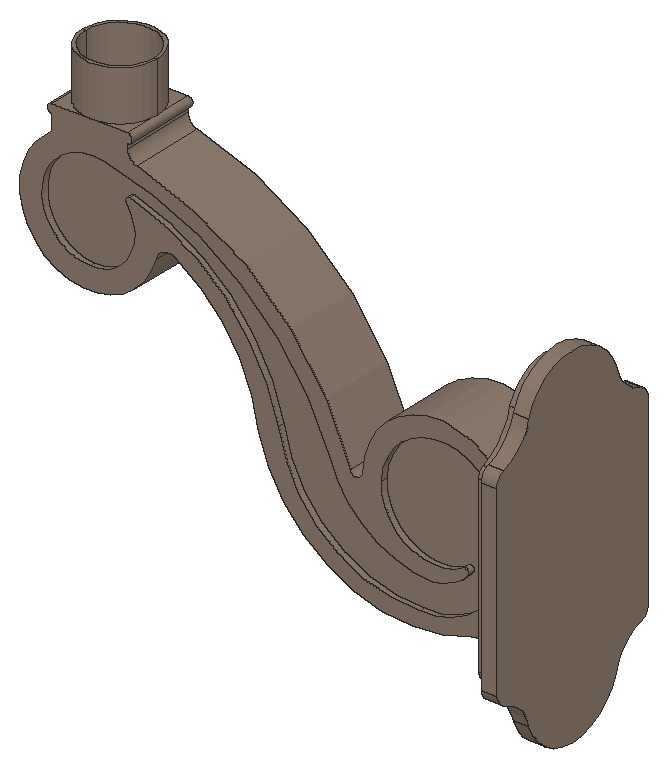
Revit family "WM871", category Generic Models, Revit 2014
Parameters
  WALL MOUNT = Bronze, Architectural
  OUTLET = Bronze, Architectural
  ARM = Bronze, Architectural
Reference planes (in)
  plane 1 "Center (Front/Back)": y = 0
  plane 2: z = 0
  plane 3 "Center (Left/Right)": x = 0
Forms (in)
  Extrusion 1, solid, material "Bronze, Architectural" <- "WALL MOUNT"
    sketch origin (0, -4.8963, 0) x (0, 1, 0) y (0, 0, 1)
      loop
        arc (7.06108, 29.00817) -> (4.8963, 30.52261) -> (2.73152, 29.00817) r 2.30442
        arc (2.73152, 29.00817) -> (2.28844, 28.1992) -> (1.50256, 27.71632) r 1.79818
        arc (1.50256, 27.71632) -> (1.24514, 27.53587) -> (1.1463, 27.23743) r 0.5
        line (1.1463, 27.23743) -> (1.1463, 19.78361)
        arc (1.1463, 19.78361) -> (1.27449, 19.49467) -> (1.53678, 19.31825) r 0.57078
        arc (1.53678, 19.31825) -> (2.30072, 18.83298) -> (2.73152, 18.03705) r 1.79818
        arc (2.73152, 18.03705) -> (4.8963, 16.52261) -> (7.06108, 18.03705) r 2.30442
        arc (7.06108, 18.03705) -> (7.51423, 18.85645) -> (8.31731, 19.33794) r 1.80236
        arc (8.31731, 19.33794) -> (8.55588, 19.521) -> (8.6463, 19.80779) r 0.5
        line (8.6463, 19.80779) -> (8.6463, 27.23743)
        arc (8.6463, 27.23743) -> (8.54747, 27.53587) -> (8.29004, 27.71632) r 0.5
        arc (8.29004, 27.71632) -> (7.50417, 28.1992) -> (7.06108, 29.00817) r 1.79818
    from -0.61556 to 0
  Extrusion 2, solid, material "Bronze, Architectural" <- "WALL MOUNT"
    sketch origin (0, -4.8963, 0) x (0, 1, 0) y (0, 0, 1)
      loop
        arc (6.58109, 28.86674) -> (4.8963, 30.02235) -> (3.21151, 28.86674) r 1.80595
        arc (3.21151, 28.86674) -> (2.72515, 27.93672) -> (1.87601, 27.31991) r 2.29818
        arc (1.87601, 27.31991) -> (1.70897, 27.18174) -> (1.6463, 26.9742) r 0.375
        line (1.6463, 26.9742) -> (1.6463, 20.07102)
        arc (1.6463, 20.07102) -> (1.70897, 19.86348) -> (1.87601, 19.72531) r 0.375
        arc (1.87601, 19.72531) -> (2.72515, 19.1085) -> (3.21151, 18.17848) r 2.29818
        arc (3.21151, 18.17848) -> (4.8963, 17.02287) -> (6.58109, 18.17848) r 1.80595
        arc (6.58109, 18.17848) -> (7.06745, 19.1085) -> (7.91659, 19.72531) r 2.29818
        arc (7.91659, 19.72531) -> (8.08364, 19.86348) -> (8.1463, 20.07102) r 0.375
        line (8.1463, 20.07102) -> (8.1463, 26.9742)
        arc (8.1463, 26.9742) -> (8.08364, 27.18174) -> (7.91659, 27.31991) r 0.375
        arc (7.91659, 27.31991) -> (7.06745, 27.93672) -> (6.58109, 28.86674) r 2.29818
    from -1.13049 to -0.61556
  Extrusion 3, solid, material "Bronze, Architectural" <- "ARM"
    sketch origin (1.96393, 0, 9.07063) x (1, 0, 0) y (0, 0, 1)
      loop
        line (-18.49633, 23.49) -> (-18.49633, 23.68663)
        arc (-18.49633, 23.68663) -> (-18.30883, 23.87413) -> (-18.49633, 24.06163) r 0.1875
        line (-18.49633, 24.06163) -> (-21.49697, 24.06163)
        arc (-21.49697, 24.06163) -> (-21.68447, 23.87413) -> (-21.49697, 23.68663) r 0.1875
        line (-21.49697, 23.68663) -> (-21.49697, 23.297)
        arc (-21.49697, 23.297) -> (-21.54862, 23.07569) -> (-21.69288, 22.9001) r 0.5
        arc (-21.69288, 22.9001) -> (-21.55246, 18.37502) -> (-17.32473, 19.99441) r 2.77735
        arc (-17.32473, 19.99441) -> (-17.03465, 20.33042) -> (-16.59157, 20.30324) r 0.5
        arc (-16.59157, 20.30324) -> (-14.33563, 18.16268) -> (-13.27043, 15.24092) r 6.79099
        arc (-13.27043, 15.24092) -> (-10.00885, 11.13982) -> (-4.77423, 10.9037) r 6.32726
        arc (-4.77423, 10.9037) -> (-4.61293, 10.94513) -> (-4.45554, 10.89066) r 0.28897
        arc (-4.45554, 10.89066) -> (-3.85053, 10.31976) -> (-3.48887, 9.57065) r 2.29413
        arc (-3.48887, 9.57065) -> (-3.31799, 9.44968) -> (-3.16603, 9.5937) r 0.165
        arc (-3.16603, 9.5937) -> (-3.05684, 10.73642) -> (-3.54606, 11.77487) r 2.16934
        arc (-3.54606, 11.77487) -> (-3.63261, 11.93771) -> (-3.58397, 12.11559) r 0.25
        arc (-3.58397, 12.11559) -> (-3.15401, 13.13067) -> (-3.04718, 14.22787) r 3.64519
        arc (-3.04718, 14.22787) -> (-3.03813, 14.58839) -> (-3.06403, 14.94809) r 3.72
        arc (-3.06403, 14.94809) -> (-5.94632, 18.18502) -> (-9.11532, 15.2282) r 3.02971
        arc (-9.11532, 15.2282) -> (-9.32643, 14.98109) -> (-9.60273, 15.15224) r 0.24954
        arc (-9.60273, 15.15224) -> (-12.82258, 20.21334) -> (-18.12945, 23.00968) r 11.68355
        arc (-18.12945, 23.00968) -> (-18.39412, 23.1878) -> (-18.49633, 23.49) r 0.49786
    from -1.5 to 1.5
  Revolve 4, solid, material "Bronze, Architectural" <- "OUTLET"
    sketch origin (1.96393, 0, 9.07063) x (1, 0, 0) y (0, 0, 1)
      loop
        line (-21.49697, 24.06163) -> (-19.99697, 24.06163) -> (-19.99697, 26.06163) -> (-21.49697, 26.06163) -> (-21.49697, 24.06163)
      axis (-19.99697, 26.06163) -> (-19.99697, 24.06163)
    angle from 0 to 360
  Extrusion 5, void
    sketch origin (1.96393, 0, 9.07063) x (1, 0, 0) y (0, 0, 1)
      loop
        arc (-5.06325, 13.24371) -> (-4.90621, 13.22119) -> (-4.89773, 13.06278) r 0.125
        arc (-4.89773, 13.06278) -> (-5.01268, 12.9244) -> (-5.14318, 12.80058) r 1.51919
        arc (-5.14318, 12.80058) -> (-5.68624, 12.49704) -> (-6.28111, 12.31488) r 2.9328
        arc (-6.28111, 12.31488) -> (-8.85153, 13.16027) -> (-10.42308, 15.36297) r 4.34461
        arc (-10.42308, 15.36297) -> (-13.97096, 20.27262) -> (-19.50007, 22.74669) r 11.68675
        arc (-19.50007, 22.74669) -> (-21.88276, 21.03364) -> (-20.01166, 18.77294) r 2.00792
        arc (-20.01166, 18.77294) -> (-18.38919, 19.70925) -> (-18.52892, 21.57728) r 1.76039
        arc (-18.52892, 21.57728) -> (-18.53199, 21.72138) -> (-18.39726, 21.77258) r 0.125
        arc (-18.39726, 21.77258) -> (-14.58357, 19.54982) -> (-12.46532, 15.6771) r 8.23618
        arc (-12.46532, 15.6771) -> (-10.5191, 12.32126) -> (-6.8429, 11.08232) r 5.50479
        arc (-6.8429, 11.08232) -> (-3.82508, 12.7507) -> (-3.87254, 16.19867) r 3.35478
        arc (-3.87254, 16.19867) -> (-6.50747, 17.40527) -> (-8.37197, 15.18663) r 2.39225
        arc (-8.37197, 15.18663) -> (-7.29732, 13.22795) -> (-5.06325, 13.24371) r 2.17991
    from -1.5 to -1.25
  Revolve 6, void
    sketch origin (1.96393, 0, 9.07063) x (1, 0, 0) y (0, 0, 1)
      loop
        line (-19.99697, 24.06163) -> (-19.99697, 26.06163) -> (-21.37197, 26.06163) -> (-21.37197, 24.06163) -> (-19.99697, 24.06163)
      axis (-19.99697, 26.06163) -> (-19.99697, 24.06163)
    angle from 0 to 360
  Extrusion 7, void
    sketch origin (1.96375, 0, 9.07063) x (1, 0, 0) y (0, 0, 1)
      loop
        arc (-5.06325, 13.24371) -> (-4.90621, 13.22119) -> (-4.89773, 13.06278) r 0.125
        arc (-4.89773, 13.06278) -> (-5.01268, 12.9244) -> (-5.14318, 12.80058) r 1.51919
        arc (-5.14318, 12.80058) -> (-5.68624, 12.49704) -> (-6.28111, 12.31488) r 2.9328
        arc (-6.28111, 12.31488) -> (-8.85153, 13.16027) -> (-10.42308, 15.36297) r 4.34461
        arc (-10.42308, 15.36297) -> (-13.97096, 20.27262) -> (-19.50007, 22.74669) r 11.68675
        arc (-19.50007, 22.74669) -> (-21.88276, 21.03364) -> (-20.01166, 18.77294) r 2.00792
        arc (-20.01166, 18.77294) -> (-18.38919, 19.70925) -> (-18.52892, 21.57728) r 1.76039
        arc (-18.52892, 21.57728) -> (-18.53199, 21.72138) -> (-18.39726, 21.77258) r 0.125
        arc (-18.39726, 21.77258) -> (-14.58357, 19.54982) -> (-12.46532, 15.6771) r 8.23618
        arc (-12.46532, 15.6771) -> (-10.5191, 12.32126) -> (-6.8429, 11.08232) r 5.50479
        arc (-6.8429, 11.08232) -> (-3.82508, 12.7507) -> (-3.87254, 16.19867) r 3.35478
        arc (-3.87254, 16.19867) -> (-6.50747, 17.40527) -> (-8.37197, 15.18663) r 2.39225
        arc (-8.37197, 15.18663) -> (-7.29732, 13.22795) -> (-5.06325, 13.24371) r 2.17991
    from 1.25 to 1.5
Cuts and joins
  Extrusion 5, Extrusion 7 cuts Extrusion 3
  Revolve 6 cuts Revolve 4
Dimensions and locks (in)
  aligned and locked: plane 2 to level
